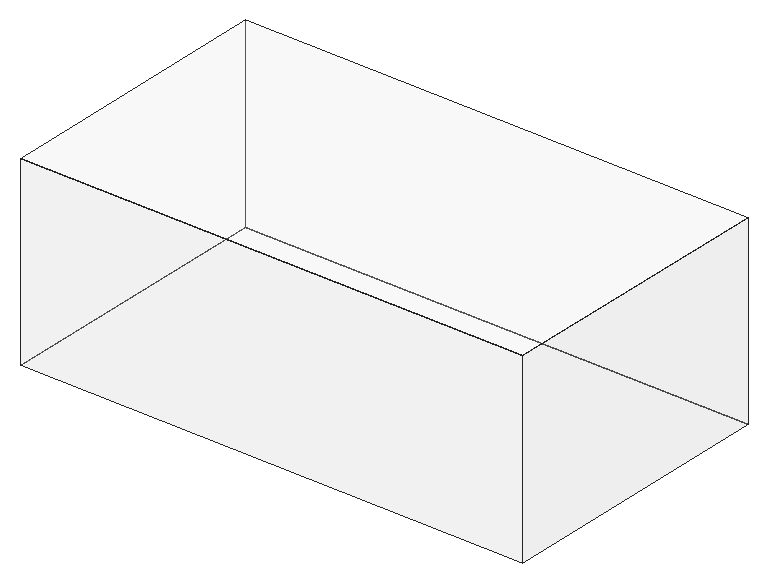
Revit family "plfy-mp22_140lm_50Hz", category 機械設備, Revit 2019
Family settings
  丸型コネクタ寸法 = 直径を使用
  パーツ タイプ = 標準
  OmniClass 番号 = 23.75.10.24.21.27.27
  OmniClass タイトル = Split System Air Conditioning Units
  作業面ベース = いいえ
  常に垂直 = はい
  ロード時にボイドで切り取り = いいえ
  共有 = いいえ
  部屋計算ポイント = はい
Parameters (values of type "PLFY-MP22LM")
  風量（弱）（m3／min） = 6.5
  風量（中2）（m3／min） = 7.4
  風量（中1）（m3／min） = 7.9
  風量（m3／min） = 9.1
  風量 = MAX風量  # 546.0 m³/h
  音響パワーレベル（弱）(dB) = 49
  音響パワーレベル（中2）(dB) = 51
  音響パワーレベル（中1）(dB) = 52
  音響パワーレベル(dB) = 53
  電源種別 = ""
  電源_H = 0 mm
  電圧_電気ヒーター = 0 V
  電圧 = 200 V
  電動機出力_送風機 = 0.05 kW
  運転質量 = 0.00 kg
  連動 = ""
  質量 = if(製品質量 > 運転質量, 製品質量, 運転質量) * 1.2  # 24.00 kg
  負荷分類 = 3_ファン類
  説明 = "ビル用マルチエアコン 天井カセット形（2方向吹出）室内機"
  設計暖房能力 = 0.00 kW
  設計冷房能力_顕熱 = 0 kW
  設計冷房能力 = 0 kW
  設置方法 = "カセット形"
  記号 = ""
  製造元 = "三菱電機株式会社"
  製品質量 = 20.00 kg
  製品出荷対象 = "国内"
  製品リリース年月 = "2024/9/30"
  製品グループ = ""
  系統 = ""
  符号 = "ACP_CK2"
  積算_科目 = "1 空気調和設備"
  積算_拾い区分 [instance] = ""
  相_電気ヒーター = 1
  相 = 1
  盤記号 = ""
  発停方法 = "付属スイッチ"
  特殊仕様 = ""
  火災停止 = ""
  消費電力_電気ヒーター = 0.00 kW
  消費電力_暖房 = 0.03 kW
  消費電力_加湿器 = 0.00 kW
  消費電力_冷房 = 0.03 kW
  消費電力 = if(消費電力_冷房 > 消費電力_暖房, 消費電力_冷房, 消費電力_暖房) + 消費電力_加湿器 + 消費電力_電気ヒーター  # 0.03 kW
  法定耐用年数 = "15"
  機外静圧 = 0.0 Pa
  極数 = 1
  材質 = ""
  本体マテリアル = none
  有効加湿量 = 0
  暖房能力 = 2.50 kW
  形式_加湿器 = ""
  形式 = "カセット形（2方向吹出形）"
  幹線記号 = ""
  始動方式 = "直入"
  呼称 = "室内機_カセット形（2方向吹出形）"
  周波数 = 50 Hz
  吊り位置Y = 824 mm
  吊り位置X = 574 mm
  吊りボルト_H = 165 mm
  台数_手元リモコン = ""
  台数_冷媒分岐ユニット = ""
  参照している仕様書等のバージョン = "公共建築工事標準仕様書（機械設備工事編）平成31年度版"
  加湿給水管径 = 0 mm
  分類コード = "50053003221020"
  分類グループ = ""
  冷房能力 = 2.2 kW
  冷媒高低圧ガス管径 = 0 mm
  冷媒管径符号 = "Ac"
  冷媒管径 = 100 mm
  冷媒液管高さ = 233 mm
  冷媒液管長さ = 67 mm
  冷媒液管径 = 6.35 mm
  冷媒ガス管高さ = 233 mm
  冷媒ガス管長さ = 78 mm
  冷媒ガス管径 = 12.7 mm
  企業コード = "108420"
  付属品_フィルター = ""
  付属品 = ""
  仕様書バージョン = "Version1.0"
  モデル = "PLFY-MP22LM"
  パネルマテリアル = none
  ドレン管高さ = 295 mm
  ドレン管径 = 32 mm
  サービススペース = yes
  コメント [instance] = ""
  ケーブル種類 = ""
  ケーブルサイズ = 1.6 mm
  Width = 650 mm
  Version = ""
  Uniclass2015Version = "Systems v1.9"
  Uniclass2015Title = "Split coil remote air cooled condensing units"
  Uniclass2015Code = "Pr_70_65_03_84"
  URL = "https://www.mitsubishielectric.co.jp/ldg/wink/qr/002/335176/"
  SpecificationReference = ""
  SpecificationDescription = ""
  S_H = 364 mm
  Revision = ""
  ProductInformation = ""
  OmniClassCode = "23-33 17 13 11"
  MIN風量 = 風量（弱）（m3／min） * 60.0 m³/h  # 390.0 m³/h
  MID風量2 = 風量（中2）（m3／min） * 60.0 m³/h  # 444.0 m³/h
  MID風量 = 風量（中1）（m3／min） * 60.0 m³/h  # 474.0 m³/h
  MAX風量 = 風量（m3／min） * 60.0 m³/h  # 546.0 m³/h
  IfcTypeProduct = ""
  IfcProduct = ""
  IfcExportType = "AIRCONDITIONINGUNIT"
  IfcExportAs = "IfcUnitaryEquipmentType"
  Height = 290 mm
  Depth = 770 mm
  Clearance Top = 355 mm
  Clearance Right = 1500 mm
  Clearance Left = 1500 mm
  Clearance Front = 500 mm
  Clearance Bottom = 1000 mm
  Clearance Back = 500 mm
  Author = "三菱電機株式会社"
Types (10, lengths in mm): name | 風量（弱）（m3／min） | 風量（中2）（m3／min） | 風量（中1）（m3／min） | 風量（m3／min） | 風量 | 音響パワーレベル（弱）(dB) | 音響パワーレベル（中2）(dB) | 音響パワーレベル（中1）(dB) | 音響パワーレベル(dB) | 電動機出力_送風機 | 質量 | 製品質量 | 消費電力_暖房 | 消費電力_冷房 | 消費電力 | 暖房能力 | 吊り位置Y | 冷房能力 | 冷媒管径符号 | 冷媒液管長さ | 冷媒液管径 | 冷媒ガス管長さ | 冷媒ガス管径 | モデル | URL | S_H | MIN風量 | MID風量2 | MID風量 | MAX風量 | Height | Depth | Clearance Top
  PLFY-MP22LM | 6.5 | 7.4 | 7.9 | 9.1 | 546.0 m³/h | 49 | 51 | 52 | 53 | 0.05 kW | 24.00 kg | 20.00 kg | 0.03 kW | 0.03 kW | 0.03 kW | 2.50 kW | 824 | 2.2 kW | "Ac" | 67 | 6.35 | 78 | 12.7 | "PLFY-MP22LM" | "https://www.mitsubishielectric.co.jp/ldg/wink/qr/002/335176/" | 364 | 390.0 m³/h | 444.0 m³/h | 474.0 m³/h | 546.0 m³/h | 290 | 770 | 355
  PLFY-MP28LM | 6.5 | 7.4 | 7.9 | 9.1 | 546.0 m³/h | 49 | 51 | 52 | 53 | 0.05 kW | 24.00 kg | 20.00 kg | 0.03 kW | 0.03 kW | 0.03 kW | 3.20 kW | 824 | 2.8 kW | "Ac" | 67 | 6.35 | 78 | 12.7 | "PLFY-MP28LM" | "https://www.mitsubishielectric.co.jp/ldg/wink/qr/002/335177/" | 364 | 390.0 m³/h | 444.0 m³/h | 474.0 m³/h | 546.0 m³/h | 290 | 770 | 355
  PLFY-MP36LM | 6.2 | 7.3 | 8.4 | 9.1 | 546.0 m³/h | 50 | 51 | 52 | 53 | 0.05 kW | 25.20 kg | 21.00 kg | 0.03 kW | 0.03 kW | 0.03 kW | 4.00 kW | 824 | 3.6 kW | "Ac" | 67 | 6.35 | 78 | 12.7 | "PLFY-MP36LM" | "https://www.mitsubishielectric.co.jp/ldg/wink/qr/002/335178/" | 364 | 372.0 m³/h | 438.0 m³/h | 504.0 m³/h | 546.0 m³/h | 290 | 770 | 355
  PLFY-MP45LM | 6.8 | 8.2 | 8.9 | 10.2 | 612.0 m³/h | 51 | 54 | 55 | 56 | 0.05 kW | 25.20 kg | 21.00 kg | 0.04 kW | 0.04 kW | 0.04 kW | 5.00 kW | 824 | 4.5 kW | "Ac" | 67 | 6.35 | 78 | 12.7 | "PLFY-MP45LM" | "https://www.mitsubishielectric.co.jp/ldg/wink/qr/002/335179/" | 364 | 408.0 m³/h | 492.0 m³/h | 534.0 m³/h | 612.0 m³/h | 290 | 770 | 355
  PLFY-MP56LM | 9 | 10.4 | 11.5 | 13 | 780.0 m³/h | 53 | 55 | 56 | 57 | 0.05 kW | 28.80 kg | 24.00 kg | 0.05 kW | 0.05 kW | 0.05 kW | 6.30 kW | 994 | 5.6 kW | "Ac" | 67 | 6.35 | 78 | 12.7 | "PLFY-MP56LM" | "https://www.mitsubishielectric.co.jp/ldg/wink/qr/002/335180/" | 364 | 540.0 m³/h | 624.0 m³/h | 690.0 m³/h | 780.0 m³/h | 290 | 940 | 355
  PLFY-MP71LM | 9.3 | 11.4 | 13.5 | 15.2 | 912.0 m³/h | 55 | 58 | 59 | 61 | 0.05 kW | 31.20 kg | 26.00 kg | 0.07 kW | 0.07 kW | 0.07 kW | 8.00 kW | 994 | 7.1 kW | "Bd" | 67 | 9.52 | 78 | 15.88 | "PLFY-MP71LM" | "https://www.mitsubishielectric.co.jp/ldg/wink/qr/002/335181/" | 364 | 558.0 m³/h | 684.0 m³/h | 810.0 m³/h | 912.0 m³/h | 290 | 940 | 355
  PLFY-MP80LM | 13.5 | 14.7 | 16.2 | 19 | 1140.0 m³/h | 56 | 58 | 59 | 60 | 0.10 kW | 49.20 kg | 41.00 kg | 0.06 kW | 0.06 kW | 0.06 kW | 9.00 kW | 1494 | 8 kW | "Bd" | 71 | 9.52 | 83 | 15.88 | "PLFY-MP80LM" | "https://www.mitsubishielectric.co.jp/ldg/wink/qr/002/335182/" | 405 | 810.0 m³/h | 882.0 m³/h | 972.0 m³/h | 1140.0 m³/h | 331 | 1440 | 396
  PLFY-MP90LM | 15.1 | 16.6 | 19.1 | 22.4 | 1344.0 m³/h | 57 | 59 | 60 | 61 | 0.10 kW | 49.20 kg | 41.00 kg | 0.08 kW | 0.08 kW | 0.08 kW | 10.00 kW | 1494 | 9 kW | "Bd" | 71 | 9.52 | 83 | 15.88 | "PLFY-MP90LM" | "https://www.mitsubishielectric.co.jp/ldg/wink/qr/002/335183/" | 405 | 906.0 m³/h | 996.0 m³/h | 1146.0 m³/h | 1344.0 m³/h | 331 | 1440 | 396
  PLFY-MP112LM | 16.9 | 19.2 | 21.7 | 24.3 | 1458.0 m³/h | 59 | 61 | 62 | 63 | 0.10 kW | 54.00 kg | 45.00 kg | 0.10 kW | 0.10 kW | 0.10 kW | 12.50 kW | 1494 | 11.2 kW | "Bd" | 71 | 9.52 | 83 | 15.88 | "PLFY-MP112LM" | "https://www.mitsubishielectric.co.jp/ldg/wink/qr/002/335184/" | 405 | 1014.0 m³/h | 1152.0 m³/h | 1302.0 m³/h | 1458.0 m³/h | 331 | 1440 | 396
  PLFY-MP140LM | 22.8 | 25.3 | 28.2 | 31.5 | 1890.0 m³/h | 63 | 64 | 67 | 69 | 0.24 kW | 56.40 kg | 47.00 kg | 0.20 kW | 0.20 kW | 0.20 kW | 16.00 kW | 1494 | 14 kW | "Bd" | 71 | 9.52 | 83 | 15.88 | "PLFY-MP140LM" | "https://www.mitsubishielectric.co.jp/ldg/wink/qr/002/335185/" | 405 | 1368.0 m³/h | 1518.0 m³/h | 1692.0 m³/h | 1890.0 m³/h | 331 | 1440 | 396
Reference planes
  plane 1 "中心(正面/背面)": y = 0
  plane 2: z = 0
  plane 3 "中心(左/右)": x = 0
  plane 4: x = -355
  plane 5: x = 355
  plane 6: y = 540
  plane 7: y = -540
  plane 8: z = 355
  plane 9: z = 364
  plane 10: x = -287
  plane 11: x = 287
  plane 12: y = 412
  plane 13: y = -412
  plane 14: z = 65
  plane 15: y = 385
  plane 16: y = -385
  plane 17: x = -325
  plane 18: x = 325
  plane 19: x = -1855
  plane 20: x = 1855
  plane 21: y = 1040
  plane 22: y = -1040
  plane 23: z = 355
  plane 24: z = -20
  plane 25: z = -1020
  plane 26: x = 173
Dimensions and locks
  equal spacing: plane 4, plane 3 "中心(左/右)", plane 5
  plane 4 to plane 5 = 710 mm
  equal spacing: plane 7, plane 1 "中心(正面/背面)", plane 6
  plane 7 to plane 6 = 1080 mm
  locked: plane 12 to plane 6 at 128
  plane 7 to plane 13 = 128 mm
  plane 4 to plane 10 = 68 mm
  plane 11 to plane 5 = 68 mm
  "S_H": plane 9 to level
  "吊り位置X": plane 10 to plane 11
  equal spacing: plane 10, plane 3 "中心(左/右)", plane 11
  equal spacing: plane 13, plane 1 "中心(正面/背面)", plane 12
  "吊り位置Y": plane 13 to plane 12
  equal spacing: plane 16, plane 1 "中心(正面/背面)", plane 15
  "Depth": plane 16 to plane 15
  equal spacing: plane 17, plane 3 "中心(左/右)", plane 18
  "Width": plane 17 to plane 18
  locked: plane 14 to level at 65
  "Height": plane 8 to plane 14
  "Clearance Left": plane 19 to plane 4
  "Clearance Right": plane 5 to plane 20
  "Clearance Back": plane 6 to plane 21
  "Clearance Front": plane 22 to plane 7
  locked: level to plane 24 at 20
  "Clearance Bottom": plane 24 to plane 25
  "Clearance Top": plane 23 to level
  aligned and locked: level to plane 2
  aligned and locked: plane 10 to nested 2
  aligned and locked: plane 11 to nested 2
  aligned and locked: nested 2 to plane 12
  aligned and locked: plane 13 to nested 2
  aligned and locked: plane 1 "中心(正面/背面)" to nested 3
  aligned and locked: nested 3 to plane 3 "中心(左/右)"
  aligned and locked: plane 19 to nested 1
  aligned and locked: plane 20 to nested 1
  aligned and locked: nested 1 to plane 22
  aligned and locked: nested 1 to plane 21
  aligned and locked: plane 25 to nested 1
  aligned and locked: plane 8 to nested 1
Nested families
  nested 1: "サービススペース" at (0, 0, -332.5), visible <- "サービススペース", type "サービススペース"
    with Width 3710 mm, Height 1375 mm, Depth 2080 mm
  nested 2: "固定点" at (-287, -412, 0), type "固定点"
    with W 574 mm, D 824 mm
  nested 3: "PLFY-MP_LM" at (0, 0, 0) x (0, -1, 0) z (0, 0, 1), type "PLFY-MP_LM", detail levels coarse+medium
    with ユニット表示 yes
Connectors
  piping at (138, -452, 233), diameter 100, driven by "冷媒管径", driven by "冷媒管径符号"
    settings: on nested 3, index 1, connector inside diameter 609.6 mm, connector length 0 mm, flow factor 0, pipe flow 0.0 L/s, pressure drop 0.0 Pa, fitting loss kfactor 0, connector angle 0.00°, fixture units 0, engagement length 0 mm, angle of deflection 0.00°, flow configuration 1, flow direction 1, fitting loss method 4, system type 7, joint type 0, gender type 0, connector reference index -1, connector utility 0, adjustable connector no, is connector primary yes, connector description "Ac"
  piping at (-175, -442, 295), diameter 32, driven by "ドレン管径"
    settings: on nested 3, index 2, connector inside diameter 609.6 mm, connector length 0 mm, flow factor 0, pipe flow 0.0 L/s, pressure drop 0.0 Pa, fitting loss kfactor 0, connector angle 0.00°, fixture units 0, engagement length 0 mm, angle of deflection 0.00°, flow configuration 1, flow direction 2, fitting loss method 4, system type 16, joint type 0, gender type 0, connector reference index -1, connector utility 0, adjustable connector no, is connector primary no, connector description ""
  electrical at (75, -435, 83), driven by "極数", driven by "負荷分類", driven by "電圧", driven by "消費電力"
    settings: on nested 3, index 3, voltage 200 V, apparent load 30 VA, apparent load phase1 0 VA, apparent load phase2 0 VA, apparent load phase3 0 VA, power factor 1, load classification "3_ファン類", number of poles 1, system type 30, power factor state 1, is connector primary yes, connector utility no, sub classification motor no, connector description ""
Definition of nested family "サービススペース"
  Parameters (values of type "サービススペース")
    Width [instance] = 500 mm
    Height [instance] = 500 mm
    Depth [instance] = 500 mm
  Reference planes
    plane 1 "中心(正面/背面)": y = 0
    plane 2: z = 0
    plane 3 "中心(左/右)": x = 0
    plane 4: y = -250
    plane 5: x = 250
    plane 6: y = 250
    plane 7: x = -250
    plane 8: z = 250
    plane 9: z = -250
  Forms (mm)
    Extrusion 1, solid
      sketch origin (-638.939, 0, 72.39) x (1, 0, 0) y (0, 1, 0)
        loop
          line (388.939, 250) -> (388.939, -250) -> (888.939, -250) -> (888.939, 250) -> (388.939, 250)
      from -322.39 to 177.61
  Lines and regions (mm)
    symbolic lines
      curve 1: line (-250, 0, 250) -> (250, 0, 250)
      curve 2: line (-250, 0, -250) -> (-250, 0, 250)
      curve 3: line (250, 0, -250) -> (-250, 0, -250)
      curve 4: line (250, 0, 250) -> (250, 0, -250)
      curve 5: line (0, -250, 250) -> (0, 250, 250)
      curve 6: line (0, -250, -250) -> (0, -250, 250)
      curve 7: line (0, 250, -250) -> (0, -250, -250)
      curve 8: line (0, 250, 250) -> (0, 250, -250)
      curve 9: line (-250, 250, 0) -> (250, 250, 0)
      curve 10: line (-250, -250, 0) -> (-250, 250, 0)
      curve 11: line (250, -250, 0) -> (-250, -250, 0)
      curve 12: line (250, 250, 0) -> (250, -250, 0)
  Dimensions and locks
    equal spacing: plane 7, plane 3 "中心(左/右)", plane 5
    equal spacing: plane 4, plane 1 "中心(正面/背面)", plane 6
    "Depth": plane 4 to plane 6
    "Width": plane 7 to plane 5
    equal spacing: plane 8, plane 2, plane 9
    "Height": plane 8 to plane 9
    aligned and locked: plane 9 to curve 3
    aligned and locked: plane 7 to curve 2
    aligned and locked: curve 4 to plane 5
    aligned and locked: plane 5 to Extrusion 1
    aligned and locked: Extrusion 1 to plane 7
    aligned and locked: Extrusion 1 to plane 9
    aligned and locked: plane 8 to Extrusion 1
    aligned and locked: plane 9 to curve 7
  Automatic sketch dimensions
    plane 4 to Extrusion 1 sketch curve = 0 mm
    Extrusion 1 sketch curve to plane 7 = 0 mm
    Extrusion 1 sketch curve to plane 5 = 0 mm
    plane 6 to Extrusion 1 sketch curve = 0 mm
    curve 2 to plane 8 = 0 mm
    plane 4 to curve 11 = 0 mm
    curve 11 to plane 7 = 0 mm
    curve 11 to plane 5 = 0 mm
    plane 6 to curve 10 = 0 mm
    curve 7 to plane 4 = 0 mm
    curve 7 to plane 6 = 0 mm
    curve 6 to plane 8 = 0 mm
Definition of nested family "PLFY-MP_LM"
  Parameters (values of type "PLFY-MP_LM")
    配線取出口サイズ = 36 mm
    配線取出口-Z = 83 mm
    配線取出口-Y = 250 mm
    配線取出口-X = 50 mm
    液配管サイズ = 6.35 mm
    outline表示 [instance] = yes
    A = 幅さ + 310 mm  # 1080 mm
    高さ = 290 mm
    奥行き = 650 mm
    吊りボルト_H = 165 mm
    冷媒配管 = 100 mm
    冷媒液管径-Z = 233 mm
    冷媒液管径-Y = 222 mm
    冷媒液管径-X = 67 mm
    冷媒ガス管径-Z = 233 mm
    冷媒ガス管径-Y = 152 mm
    冷媒ガス管径-X = 78 mm
    ユニット表示 [instance] = yes
    ボルトピッチ = 574 mm
    ドレン配管サイズ = 32 mm
    ドレン管径-Z = 295 mm
    ドレン管径-Y = 500 mm
    ドレン管径-X = 57 mm
    ガス配管サイズ = 12.7 mm
    D = 幅さ + 54 mm  # 824 mm
    幅さ = 770 mm
    B = 幅さ + 270 mm  # 1040 mm
  Reference planes
    plane 1 "中心(正面/背面)": y = 0
    plane 2: z = 0
    plane 3 "中心(左/右)": x = 0
    plane 4: x = -540
    plane 5: x = 540
    plane 6: y = 355
    plane 7: y = -355
    plane 8: z = 355
    plane 9: z = -20
    plane 10: x = -385
    plane 11: x = 385
    plane 12: y = 325
    plane 13: y = -325
    plane 14: z = 45
    plane 15: x = -520
    plane 16: x = 520
    plane 17: x = 412
    plane 18: x = -412
    plane 19: z = 65
    plane 20: x = 490
    plane 21: x = -490
    plane 22: y = 287
    plane 23: y = -287
    plane 24: x = 463
    plane 25: y = 173
    plane 26: z = 233
    plane 27: x = 452
    plane 28: y = 103
    plane 29: x = 442
    plane 30: y = -175
    plane 31: z = 295
    plane 32: z = 364
    plane 33: y = 50
    plane 34: x = 435
    plane 35: y = 75
    plane 36: z = 83
    plane 37: z = 165
    plane 38: z = 163
    plane 39: z = 123
    plane 40: y = 307
    plane 41: y = 267
    plane 42: y = -267
    plane 43: y = -307
    plane 44: y = 292
    plane 45: y = 282
    plane 46: y = -282
    plane 47: y = -292
    plane 48: x = -425
    plane 49: x = 425
    plane 50: x = -387
    plane 51: x = 387
  Forms (mm)
    Extrusion 1, solid, visible <- "ユニット表示", detail levels fine
      sketch origin (0, 0, 0) x (1, 0, 0) y (0, 1, 0)
        loop
          line (-385, 325) -> (-385, -325) -> (385, -325) -> (385, 325) -> (-385, 325)
      from 65 to 355
    Extrusion 2, solid, visible <- "ユニット表示", detail levels fine
      sketch origin (-1437.329, -1524, 45) x (-1, 0, 0) y (0, -1, 0)
        loop
          line (-1025.329, -1849) -> (-1025.329, -1199) -> (-1849.329, -1199) -> (-1849.329, -1849) -> (-1025.329, -1849)
      from 0 to 20
    Extrusion 3, solid, visible <- "ユニット表示", detail levels fine
      sketch origin (-1437.329, -1524, 45) x (-1, 0, 0) y (0, -1, 0)
        loop
          line (-947.329, -1849) -> (-947.329, -1199) -> (-1927.329, -1199) -> (-1927.329, -1849) -> (-947.329, -1849)
      from 0 to -45
    Extrusion 4, solid, visible <- "ユニット表示", detail levels fine
      sketch origin (385, 1296.25, 1200) x (0, 1, 0) y (0, 0, 1)
        loop
          circle (-1123.25, -967) r 6.35
      from 0 to 78
    Extrusion 5, solid, visible <- "ユニット表示", detail levels fine
      sketch origin (385, 1296.25, 1200) x (0, 1, 0) y (0, 0, 1)
        loop
          circle (-1193.25, -967) r 3.175
      from 0 to 67
    Extrusion 6, solid, visible <- "ユニット表示", detail levels fine
      sketch origin (385, 1296.25, 1200) x (0, 1, 0) y (0, 0, 1)
        loop
          circle (-1471.25, -905) r 16
      from 0 to 57
    Extrusion 7, solid, visible <- "ユニット表示", detail levels fine
      sketch origin (385, 1296.25, 1200) x (0, 1, 0) y (0, 0, 1)
        loop
          circle (-1221.25, -1117) r 18
      from 0 to 50
    Extrusion 8, solid, visible <- "ユニット表示", detail levels fine
      sketch origin (385, 1296.25, 1200) x (0, 1, 0) y (0, 0, 1)
        loop
          circle (-1158.25, -967) r 50
      from 0 to 67
    Extrusion 9, solid, visible <- "ユニット表示", detail levels fine
      sketch origin (0, 0, 0) x (1, 0, 0) y (0, 1, 0)
        loop
          line (-540, 355) -> (-540, -355) -> (540, -355) -> (540, 355) -> (-540, 355)
      from 0 to -20
    Extrusion 10, solid, visible <- "ユニット表示", detail levels fine
      sketch origin (0, 0, 0) x (1, 0, 0) y (0, 1, 0)
        loop
          line (-407, 292) -> (-407, 282)
          arc (-407, 282) -> (-412, 277) -> (-417, 282) r 5
          line (-417, 282) -> (-425, 282) -> (-425, 267) -> (-385, 267) -> (-385, 307) -> (-425, 307) -> (-425, 292) -> (-417, 292)
          arc (-417, 292) -> (-412, 297) -> (-407, 292) r 5
        loop
          arc (407, 292) -> (412, 297) -> (417, 292) r 5
          line (417, 292) -> (425, 292) -> (425, 307) -> (385, 307) -> (385, 267) -> (425, 267) -> (425, 282) -> (417, 282)
          arc (417, 282) -> (412, 277) -> (407, 282) r 5
          line (407, 282) -> (407, 292)
        loop
          line (407, -292) -> (407, -282)
          arc (407, -282) -> (412, -277) -> (417, -282) r 5
          line (417, -282) -> (425, -282) -> (425, -267) -> (385, -267) -> (385, -307) -> (425, -307) -> (425, -292) -> (417, -292)
          arc (417, -292) -> (412, -297) -> (407, -292) r 5
        loop
          arc (-407, -292) -> (-412, -297) -> (-417, -292) r 5
          line (-417, -292) -> (-425, -292) -> (-425, -307) -> (-385, -307) -> (-385, -267) -> (-425, -267) -> (-425, -282) -> (-417, -282)
          arc (-417, -282) -> (-412, -277) -> (-407, -282) r 5
          line (-407, -282) -> (-407, -292)
      from 163 to 165
    Extrusion 11, solid, visible <- "ユニット表示", detail levels fine
      sketch origin (0, 0, 0) x (1, 0, 0) y (0, 1, 0)
        loop
          line (-387, 307) -> (-387, 267) -> (-385, 267) -> (-385, 307) -> (-387, 307)
        loop
          line (385, 307) -> (385, 267) -> (387, 267) -> (387, 307) -> (385, 307)
        loop
          line (385, -267) -> (385, -307) -> (387, -307) -> (387, -267) -> (385, -267)
        loop
          line (-387, -267) -> (-387, -307) -> (-385, -307) -> (-385, -267) -> (-387, -267)
      from 123 to 163
    Extrusion 12, solid, detail levels coarse+medium
      sketch origin (0, 0, 0) x (1, 0, 0) y (0, 1, 0)
        loop
          line (-385, 325) -> (-385, -325) -> (385, -325) -> (385, 325) -> (-385, 325)
      from -20 to 355
  Lines and regions (mm)
    symbolic lines
      curve 1: line (540, 355, 0) -> (-540, 355, 0)
      curve 2: line (-540, 355, 0) -> (-540, -355, 0)
      curve 3: line (-540, -355, 0) -> (540, -355, 0)
      curve 4: line (540, -355, 0) -> (540, 355, 0)
  Dimensions and locks
    equal spacing: plane 7, plane 1 "中心(正面/背面)", plane 6
    plane 7 to plane 6 = 710 mm
    equal spacing: plane 4, plane 3 "中心(左/右)", plane 5
    "A": plane 4 to plane 5
    locked: level to plane 9 at 20
    equal spacing: plane 13, plane 1 "中心(正面/背面)", plane 12
    "奥行き": plane 13 to plane 12
    equal spacing: plane 10, plane 3 "中心(左/右)", plane 11
    "幅さ": plane 10 to plane 11
    locked: plane 14 to level at 45
    equal spacing: plane 15, plane 3 "中心(左/右)", plane 16
    "B": plane 15 to plane 16
    equal spacing: plane 18, plane 3 "中心(左/右)", plane 17
    "D": plane 18 to plane 17
    locked: plane 19 to plane 14 at 20
    locked: plane 15 to plane 21 at 30
    locked: plane 20 to plane 16 at 30
    equal spacing: plane 23, plane 1 "中心(正面/背面)", plane 22
    "ボルトピッチ": plane 23 to plane 22
    "冷媒ガス管径-X": plane 11 to plane 24
    "冷媒ガス管径-Y": plane 25 to plane 12
    "冷媒液管径-X": plane 11 to plane 27
    "冷媒液管径-Y": plane 28 to plane 12
    "ドレン管径-X": plane 11 to plane 29
    "ドレン管径-Y": plane 30 to plane 12
    plane 32 to plane 8 = 9 mm
    "配線取出口-X": plane 11 to plane 34
    "配線取出口-Y": plane 35 to plane 12
    "配線取出口-Z": plane 36 to level
    "ドレン管径-Z": plane 31 to level
    "冷媒ガス管径-Z": plane 26 to level
    locked: plane 38 to plane 39 at 40
    locked: plane 37 to plane 38 at 2
    "吊りボルト_H": plane 37 to level
    plane 43 to plane 23 to plane 42 = 20 mm locked, 20 mm locked
    plane 41 to plane 22 to plane 40 = 20 mm locked, 20 mm locked
    plane 47 to plane 23 to plane 46 = 5 mm locked, 5 mm locked
    plane 45 to plane 22 to plane 44 = 5 mm locked, 5 mm locked
    locked: plane 48 to plane 10 at 40
    locked: plane 11 to plane 49 at 40
    locked: plane 11 to plane 51 at 2
    locked: plane 50 to plane 10 at 2
    "高さ": plane 8 to plane 19
    "ガス配管サイズ": diameter of Extrusion 4 sketch curve
    "液配管サイズ": diameter of Extrusion 5 sketch curve
    "ドレン配管サイズ": diameter of Extrusion 6 sketch curve
    "配線取出口サイズ": diameter of Extrusion 7 sketch curve
    "冷媒配管": diameter of Extrusion 8 sketch curve
    aligned and locked: level to plane 2
    aligned and locked: plane 12 to Extrusion 1 sketch curve
    aligned and locked: plane 10 to Extrusion 1 sketch curve
    aligned and locked: Extrusion 1 sketch curve to plane 13
    aligned and locked: Extrusion 1 sketch curve to plane 11
    aligned and locked: plane 8 to Extrusion 1
    aligned and locked: plane 12 to Extrusion 2 sketch curve
    aligned and locked: plane 18 to Extrusion 2 sketch curve
    aligned and locked: Extrusion 2 sketch curve to plane 13
    aligned and locked: Extrusion 2 sketch curve to plane 17
    aligned and locked: plane 19 to Extrusion 2
    aligned and locked: Extrusion 1 to Extrusion 2
    aligned and locked: plane 12 to Extrusion 3 sketch curve
    aligned and locked: plane 21 to Extrusion 3 sketch curve
    aligned and locked: Extrusion 3 sketch curve to plane 13
    aligned and locked: Extrusion 3 sketch curve to plane 20
    aligned and locked: Extrusion 3 to level
    aligned and locked: plane 14 to Extrusion 3
    aligned and locked: plane 26 to Extrusion 4 sketch curve
    aligned and locked: plane 25 to Extrusion 4 sketch curve
    aligned and locked: Extrusion 4 to plane 11
    aligned and locked: plane 24 to Extrusion 4
    aligned and locked: plane 26 to Extrusion 5 sketch curve
    aligned and locked: plane 28 to Extrusion 5 sketch curve
    aligned and locked: plane 27 to Extrusion 5
    aligned and locked: Extrusion 5 to plane 11
    aligned and locked: plane 31 to Extrusion 6 sketch curve
    aligned and locked: plane 30 to Extrusion 6 sketch curve
    aligned and locked: Extrusion 6 to plane 11
    aligned and locked: plane 29 to Extrusion 6
    aligned and locked: plane 36 to Extrusion 7 sketch curve
    aligned and locked: plane 35 to Extrusion 7 sketch curve
    aligned and locked: Extrusion 7 to plane 11
    aligned and locked: plane 34 to Extrusion 7
    aligned and locked: plane 26 to Extrusion 8 sketch curve
    aligned and locked: Extrusion 8 to plane 11
    aligned and locked: plane 27 to Extrusion 8
    aligned and locked: level to Extrusion 9
    aligned and locked: Extrusion 9 to plane 9
    aligned and locked: Extrusion 10 sketch curve to plane 10
    aligned and locked: plane 37 to Extrusion 10
    aligned and locked: Extrusion 10 to plane 38
    aligned and locked: plane 40 to Extrusion 10 sketch curve
    aligned and locked: plane 48 to Extrusion 10 sketch curve  (x2)
    aligned and locked: Extrusion 10 sketch curve to plane 41
    aligned and locked: Extrusion 10 sketch curve to plane 45
    aligned and locked: Extrusion 10 sketch curve to plane 44
    aligned and locked: plane 44 to Extrusion 10 sketch curve  (x3)
    aligned and locked: plane 45 to Extrusion 10 sketch curve  (x3)
    aligned and locked: plane 18 to Extrusion 10 sketch curve  (x4)
    aligned and locked: plane 10 to Extrusion 10 sketch curve
    aligned and locked: Extrusion 10 sketch curve to plane 42
    aligned and locked: plane 43 to Extrusion 10 sketch curve
    aligned and locked: plane 47 to Extrusion 10 sketch curve  (x3)
    aligned and locked: plane 46 to Extrusion 10 sketch curve  (x3)
    aligned and locked: Extrusion 10 sketch curve to plane 46
    aligned and locked: Extrusion 10 sketch curve to plane 47
    aligned and locked: Extrusion 10 sketch curve to plane 48  (x2)
    aligned and locked: plane 11 to Extrusion 10 sketch curve
    aligned and locked: Extrusion 10 sketch curve to plane 49  (x2)
    aligned and locked: plane 17 to Extrusion 10 sketch curve  (x4)
    aligned and locked: Extrusion 10 sketch curve to plane 43
    aligned and locked: plane 42 to Extrusion 10 sketch curve
    aligned and locked: plane 49 to Extrusion 10 sketch curve  (x2)
    aligned and locked: plane 41 to Extrusion 10 sketch curve
    aligned and locked: Extrusion 10 sketch curve to plane 11
    aligned and locked: Extrusion 10 sketch curve to plane 40
    aligned and locked: plane 40 to Extrusion 11 sketch curve
    aligned and locked: plane 50 to Extrusion 11 sketch curve  (x2)
    aligned and locked: Extrusion 11 sketch curve to Extrusion 10  (x8)
    aligned and locked: Extrusion 11 sketch curve to plane 41
    aligned and locked: Extrusion 11 sketch curve to plane 51  (x2)
    aligned and locked: Extrusion 11 sketch curve to plane 43
    aligned and locked: plane 42 to Extrusion 11 sketch curve
    aligned and locked: Extrusion 11 to Extrusion 10
    aligned and locked: Extrusion 11 to plane 39
    aligned and locked: curve 1 to Extrusion 9
    aligned and locked: curve 2 to Extrusion 9
    aligned and locked: curve 3 to Extrusion 9
    aligned and locked: curve 4 to Extrusion 9
  Automatic sketch dimensions
    Extrusion 9 sketch curve to plane 4 = 0 mm
    Extrusion 9 sketch curve to plane 5 = 0 mm
    plane 7 to Extrusion 9 sketch curve = 0 mm
    plane 6 to Extrusion 9 sketch curve = 0 mm
    Extrusion 10 sketch curve to plane 18 = 5 mm  (x2)
    Extrusion 10 sketch curve to plane 17 = 5 mm  (x2)
    plane 13 to Extrusion 12 sketch curve = 0 mm
    plane 21 to Extrusion 12 sketch curve = 105 mm
    Extrusion 12 sketch curve to plane 20 = 105 mm
    plane 12 to Extrusion 12 sketch curve = 0 mm
    plane 25 to Extrusion 8 sketch curve = 35 mm
Definition of nested family "固定点"
  Parameters (values of type "固定点")
    中心円 = 20 mm
    W [instance] = 1000 mm
    D [instance] = 1000 mm
  Reference planes
    plane 1 "中心(正面/背面)": y = 0
    plane 2: z = 0
    plane 3 "中心(左/右)": x = 0
    plane 4: x = 1000
    plane 5: y = 1000
  Lines and regions (mm)
    symbolic lines, detail levels fine
      curve 1: circle (0, 1000, 0) r 10 normal (0, 0, 1)
      curve 2: circle (0, 0, 0) r 10 normal (0, 0, 1)
      curve 3: circle (1000, 1000, 0) r 10 normal (0, 0, 1)
      curve 4: circle (1000, 0, 0) r 10 normal (0, 0, 1)
      curve 5: line (-200, 1000, 0) -> (1200, 1000, 0)
      curve 6: line (-200, 0, 0) -> (1200, 0, 0)
      curve 7: line (0, 1200, 0) -> (0, -200, 0)
      curve 8: line (1000, 1200, 0) -> (1000, -200, 0)
  Dimensions and locks
    "W": plane 3 "中心(左/右)" to plane 4
    "D": plane 1 "中心(正面/背面)" to plane 5
    "中心円": diameter of curve 1
    "中心円": diameter of curve 2
    "中心円": diameter of curve 3
    "中心円": diameter of curve 4
    aligned and locked: level to plane 2
    aligned and locked: plane 5 to curve 1
    aligned and locked: plane 3 "中心(左/右)" to curve 1
    aligned and locked: plane 3 "中心(左/右)" to curve 2
    aligned and locked: plane 1 "中心(正面/背面)" to curve 2
    aligned and locked: plane 4 to curve 3
    aligned and locked: plane 5 to curve 3
    aligned and locked: plane 1 "中心(正面/背面)" to curve 4
    aligned and locked: plane 4 to curve 4
    aligned and locked: plane 1 "中心(正面/背面)" to curve 6
    aligned and locked: curve 7 to plane 3 "中心(左/右)"
    aligned and locked: curve 8 to plane 4
  Automatic sketch dimensions
    curve 5 to plane 5 = 0 mm
    curve 6 to plane 3 "中心(左/右)" = 200 mm
    curve 5 to plane 3 "中心(左/右)" = 200 mm
    curve 4 to curve 6 = 200 mm
    curve 3 to curve 5 = 200 mm
    plane 1 "中心(正面/背面)" to curve 8 = 200 mm
    plane 1 "中心(正面/背面)" to curve 7 = 200 mm
    curve 3 to curve 8 = 200 mm
    curve 1 to curve 7 = 200 mm
